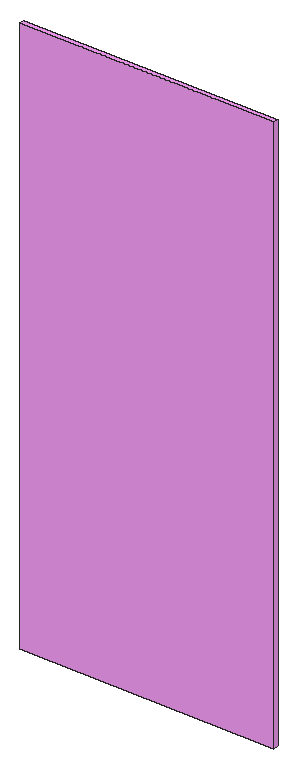
Revit family "EXP_WT-1A_CPan-014", category Curtain Panels, Revit 2021
Family settings
  OmniClass Number = 23.25.20.14.11.11.17
  OmniClass Title = Infill Panels
  Always vertical = Yes
  Cut with Voids When Loaded = No
  Shared = No
Parameters
  UI-UnitNumber [instance] = "001"
  UI-Quadrant [instance] = "SE"
  UI-ProjectAbbreviation = "NEU"
  UI-ItemCategory = "PID"
  UI-FloorNumber [instance] = "03"
  PNT-WallType = "WT1A"
  PNT-ProjectAbbreviation = "NEU"
  PNT-PanelType [instance] = "01"
  PNT-ItemCategory = "PNL"
  GlassSPH [instance] = 0' - 1 1/8"
  GlassH1 [instance] = IG-3F(Glass)
  Define Thermal Properties by = Schematic Type
  CellSp = 0' - 10 3/16"
  CellL [instance] = 6' - 2"
  CellH1 [instance] = CellH  # 12' - 11"
  CellH [instance] = 12' - 11"
  CellAngle [instance] = 45.00°
  Analytic Construction = "<None>"
Reference planes (in)
  plane 1 "Center (Front/Back)": y = 0
  plane 2: z = 0
  plane 3 "Center (Left/Right)": x = 0
  plane 4 "Left": x = -37
  plane 5 "Right": x = 37
  plane 6 "Top": z = 155
  plane 7: y = -10.1875
Forms (in)
  Extrusion 1, solid, material "IG-3F(Glass)" <- "GlassH1", detail levels coarse+medium
    sketch origin (0, 0, 0) x (1, 0, 0) y (0, 1, 0)
      loop
        line (37, 0) -> (-37, 0) -> (-26.8125, -10.1875) -> (37, -10.1875) -> (37, 0)
    from 0 to 155
Lines and regions (in)
  reference lines
    curve 1: line (-37, 0, 0) -> (-2.35177, -34.64823, 0)
Text (in)
  text "Exterior" at (-92.59733, 55.75508, 0), in view "Ref. Level"
  text "Exterior" at (0, 90.18664, 173.49264), in view "Left"
  text "Exterior" at (0, 52.29083, 162.21847), in view "Right"
Dimensions and locks (in)
  "CellL": plane 4 "Left" to plane 5 "Right"
  equal spacing: plane 4 "Left", plane 3 "Center (Left/Right)", plane 5 "Right"
  "CellH": plane 2 to plane 6 "Top"
  "CellSp": plane 7 to plane 1 "Center (Front/Back)"
  "CellAngle": angle curve 1 to plane 1 "Center (Front/Back)"
  aligned and locked: level to plane 2
  aligned and locked: Extrusion 1 sketch curve to plane 1 "Center (Front/Back)"
  aligned and locked: Extrusion 1 sketch curve to plane 7
  aligned and locked: Extrusion 1 sketch curve to curve 1
  aligned and locked: Extrusion 1 sketch curve to plane 5 "Right"
  aligned and locked: Extrusion 1 to plane 6 "Top"
  aligned and locked: nested 1 to curve 1
  aligned and locked: Extrusion 1 to nested 2
  aligned and locked: nested 2 to Extrusion 1
  aligned and locked: nested 2 to level
  aligned and locked: Extrusion 1 to plane 2
  aligned and locked: nested 1 to plane 5 "Right"
  aligned and locked: plane 5 "Right" to nested 3
  aligned and locked: plane 1 "Center (Front/Back)" to nested 3
  aligned and locked: plane 2 to Extrusion 1
  aligned and locked: plane 6 "Top" to Extrusion 1
  aligned and locked: plane 1 "Center (Front/Back)" to nested 4
  aligned and locked: nested 4 to plane 6 "Top"
  aligned and locked: plane 2 to nested 4
  aligned and locked: plane 5 "Right" to nested 4
  aligned and locked: plane 4 "Left" to nested 4
Automatic sketch dimensions
  plane 1 "Center (Front/Back)" to curve 1 = 0' - 0"
  curve 1 to plane 4 "Left" = 0' - 0"
Nested families (in)
  nested 1: "EXP_WT-1A_DetO-002" at (-37, 0, 0), CellAngle <- "CellAngle", type "EXP_WT-1A_DetO-002"
    with built-in parameter 1001306 6.1667 (stored number, unit not read), CellAngle 45.00°
  nested 2: "EXP_WT-1A_DetO-003" at (0, 0, 155) x (0, 0, -1) z (1, 0, 0), type "EXP_WT-1A_DetO-003"
    with built-in parameter 1001306 12.917 (stored number, unit not read), CellH2 8' - 5 1/2", CellH1 4' - 5 1/2"
  nested 3: "EXP_xx_DetO-002" at (0, 0, 0), CellH <- "CellH", CellL <- "CellL", type "EXP_xx_DetO-002", detail levels coarse
    with CellL 6' - 2", CellH 12' - 11"
  nested 4: "EXP_WT-1x_IG-003" at (0, 0, 77.5), MaterialGlass <- "GlassH1", GlassSP <- "GlassSPH", type "A = 90_GlassSP = H", detail levels fine
    with MaterialGlass IG-3F(Glass), GlassSP 0' - 1 1/8", GlassL 5' - 8.87402", GlassH 12' - 8.12598", CellL 6' - 2", CellH 12' - 11"
Definition of nested family "EXP_WT-1x_IG-003"
  Parameters (values of type "A = 90_H2(x2) _ GlassSP = 2 1/8"")
    MaterialGlass [instance] = none
    GlassSP [instance] = 0' - 2.12598"
    GlassL [instance] = CellL - (GlassD1 + GlassD3)  # 3' - 7.69291"
    GlassH [instance] = CellH - (GlassD2 + GlassD4)  # 6' - 6.64788"
    GlassD4 = 0' - 1.43701"
    GlassD3 = 0' - 0.93701"
    GlassD2 = 0' - 0 1/2"
    GlassD1 = 0' - 4.18898"
    GMPI-ProjectAbbreviation = "NEU"
    GMPI-IteamCategory = "GLS"
    Default Elevation = 0' - 0"
    CellL [instance] = 4' - 0.8189"
    CellH [instance] = 6' - 8.58489"
  Types (20): name | GlassSP | GlassL | GlassH | GlassD4 | GlassD2 | GlassD1
    A = 90_H2(x2) _ GlassSP = 2 1/8" | 0' - 2.12598" | 3' - 7.69291" | 6' - 6.64788" | 0' - 1.43701" | 0' - 0 1/2" | 0' - 4.18898"
    A = 90_H1 _ GlassSP = 1 1/4" | 0' - 1 1/4" | 3' - 7.69291" | 6' - 6.89739" | 0' - 0 1/4" | 0' - 1 7/16" | 0' - 4.18898"
    A = 90_H2(x3) _ GlassSP = 2 1/8" | 0' - 2.12598" | 3' - 7.69291" | 6' - 7.83489" | 0' - 0 1/4" | 0' - 0 1/2" | 0' - 4.18898"
    A = 90_H3 _ GlassSP = 1 1/4" | 0' - 1 1/4" | 3' - 7.69291" | 6' - 6.64788" | 0' - 1.43701" | 0' - 0 1/2" | 0' - 4.18898"
    A = 90_H _ GlassSP = 1 1/4" | 0' - 1 1/4" | 3' - 7.69291" | 6' - 5.71088" | 0' - 1.43701" | 0' - 1.43701" | 0' - 4.18898"
    A = 78_H _ GlassSP = 1 1/4" | 0' - 1 1/4" | 3' - 6.75591" | 6' - 5.71088" | 0' - 1.43701" | 0' - 1.43701" | 0' - 5.12598"
    A = 78_H1 _ GlassSP = 1 1/4" | 0' - 1 1/4" | 3' - 6.75591" | 6' - 6.89739" | 0' - 0 1/4" | 0' - 1 7/16" | 0' - 5.12598"
    A = 78_H2(x2) _ GlassSP = 2 1/8" | 0' - 2.12598" | 3' - 6.75591" | 6' - 6.64788" | 0' - 1.43701" | 0' - 0 1/2" | 0' - 5.12598"
    A = 78_H2(x3) _ GlassSP = 2 1/8" | 0' - 2.12598" | 3' - 6.75591" | 6' - 7.83489" | 0' - 0 1/4" | 0' - 0 1/2" | 0' - 5.12598"
    A = 78_H3 _ GlassSP = 1 1/4" | 0' - 1 1/4" | 3' - 6.75591" | 6' - 6.64788" | 0' - 1.43701" | 0' - 0 1/2" | 0' - 5.12598"
    A = 90_GlassSP = H | 0' - 1 1/4" | 3' - 7.69291" | 6' - 5.71088" | 0' - 1.43701" | 0' - 1.43701" | 0' - 4.18898"
    A = 90_ GlassSP = H3 | 0' - 1 1/4" | 3' - 7.69291" | 6' - 6.64788" | 0' - 1.43701" | 0' - 0 1/2" | 0' - 4.18898"
    A = 90_GlassSP = H2(x3) | 0' - 2.12598" | 3' - 7.69291" | 6' - 7.83489" | 0' - 0 1/4" | 0' - 0 1/2" | 0' - 4.18898"
    A = 90_GlassSP = H2(x2) | 0' - 2.12598" | 3' - 7.69291" | 6' - 6.64788" | 0' - 1.43701" | 0' - 0 1/2" | 0' - 4.18898"
    A = 90_GlassSP = H1 | 0' - 1 1/4" | 3' - 7.69291" | 6' - 6.89739" | 0' - 0 1/4" | 0' - 1 7/16" | 0' - 4.18898"
    A = 78_GlassSP = H | 0' - 1 1/4" | 3' - 6.75591" | 6' - 5.71088" | 0' - 1.43701" | 0' - 1.43701" | 0' - 5.12598"
    A = 78_ GlassSP = H3 | 0' - 1 1/4" | 3' - 6.75591" | 6' - 6.64788" | 0' - 1.43701" | 0' - 0 1/2" | 0' - 5.12598"
    A = 78_ GlassSP = H2(x3) | 0' - 2.12598" | 3' - 6.75591" | 6' - 7.83489" | 0' - 0 1/4" | 0' - 0 1/2" | 0' - 5.12598"
    A = 78_GlassSP = H2(x2) | 0' - 2.12598" | 3' - 6.75591" | 6' - 6.64788" | 0' - 1.43701" | 0' - 0 1/2" | 0' - 5.12598"
    A = 78_GlassSP = H1 | 0' - 1 1/4" | 3' - 6.75591" | 6' - 6.89739" | 0' - 0 1/4" | 0' - 1 7/16" | 0' - 5.12598"
  Reference planes (in)
    plane 1 "Center (Front/Back)": y = 0
    plane 2: z = 0
    plane 3 "Center (Left/Right)": x = 0
    plane 4: x = -24.40945
    plane 5: x = 24.40945
    plane 6: z = 40.29245
    plane 7: x = -20.22047
    plane 8: x = 23.47244
    plane 9: z = -40.29245
    plane 10: z = 39.79245
    plane 11: z = -38.85544
  Forms (in)
    Extrusion 1, solid, material <- "MaterialGlass"
      sketch origin (0, 0, 0) x (1, 0, 0) y (0, 0, 1)
        loop
          line (-20.22047, -38.85544) -> (23.47244, -38.85544) -> (23.47244, 39.79245) -> (-20.22047, 39.79245) -> (-20.22047, -38.85544)
      from 0 to 2.12598 <- "GlassSP"
  Dimensions and locks (in)
    equal spacing: plane 6, level, plane 9
    "CellH": plane 6 to plane 9
    "GlassD2": plane 6 to plane 10
    "GlassD4": plane 11 to plane 9
    equal spacing: plane 4, plane 3 "Center (Left/Right)", plane 5
    "CellL": plane 4 to plane 5
    "GlassD1": plane 4 to plane 7
    "GlassD3": plane 5 to plane 8
    aligned and locked: level to plane 2
    aligned and locked: Extrusion 1 sketch curve to plane 11
    aligned and locked: Extrusion 1 sketch curve to plane 7
    aligned and locked: plane 10 to Extrusion 1 sketch curve
    aligned and locked: plane 8 to Extrusion 1 sketch curve
Definition of nested family "EXP_WT-1A_DetO-002"
  Parameters (values of type "EXP_WT-1A_DetO-002")
    built-in parameter 1001306 [instance] = 5' - 2.99213"
    CellAngle [instance] = 45.00°
  Reference planes (in)
    plane 1 "Center (Front/Back)": y = 0
    plane 2: z = 0
    plane 3 "Left": x = 0
    plane 4 "Right": x = 62.99213
  Lines and regions (in)
    reference lines, in view "Ref. Level"
      curve 1: line (0, 0, 0) -> (62.99213, 0, 0)
      curve 17: line (0, 0, 0) -> (16.97056, -16.97056, 0)
    detail lines, in view "Ref. Level"
      curve 2: line (-0.30429, 0, 0) -> (-0.00849, 0, 0)
      curve 3: line (-0.30429, 0, 0) -> (-0.00849, 0, 0)
      curve 4: line (62.99213, -0.81795, 0) -> (62.99213, -10.1875, 0)
      curve 5: line (62.99213, -10.1875, 0) -> (60.99213, -10.1875, 0)
      curve 6: line (60.99213, -10.1875, 0) -> (60.99213, -2.43678, 0)
      curve 7: line (60.99213, -2.43678, 0) -> (62.44632, -2.43678, 0)
      curve 8: line (62.44632, -2.43678, 0) -> (62.44632, 0, 0)
      curve 9: line (62.44632, 0, 0) -> (62.74213, 0, 0)
      curve 10: line (62.74213, 0, 0) -> (62.74213, -0.81795, 0)
      curve 11: line (62.99213, -0.81795, 0) -> (62.74213, -0.81795, 0)
      curve 12: line (-0.30429, 0, 0) -> (-0.00849, 0, 0)
      curve 13: line (2.83381, 0, 0) -> (62.04971, 0, 0)
      curve 14: line (2.83381, -1.31, 0) -> (2.83381, 0, 0)
      curve 15: line (2.83381, -1.31, 0) -> (62.04971, -1.31, 0)
      curve 16: line (62.04971, -1.31, 0) -> (62.04971, 0, 0)
      curve 18: line (2.35972, -2.35972, 0) -> (10.125, -10.1875, 0)
      curve 19: line (12.59763, -10.1875, 0) -> (10.125, -10.1875, 0)
      curve 20: line (4.3571, -1.88308, 0) -> (12.59763, -10.1875, 0)
      curve 21: line (2.8356, -1.88308, 0) -> (4.3571, -1.88308, 0)
      curve 22: line (2.35972, -2.35972, 0) -> (2.8356, -1.88308, 0)
  Dimensions and locks (in)
    "built-in parameter 1001306": plane 3 "Left" to plane 4 "Right"
    "CellAngle": angle curve 17 to plane 1 "Center (Front/Back)"
    aligned and locked: plane 1 "Center (Front/Back)" to curve 1
    aligned and locked: plane 3 "Left" to curve 1
    aligned and locked: plane 4 "Right" to curve 1
    aligned and locked: curve 4 to plane 4 "Right"
    aligned and locked: curve 12 to curve 1
    aligned and locked: curve 1 to curve 13
    aligned and locked: curve 5 to curve 19
  Automatic sketch dimensions
    plane 1 "Center (Front/Back)" to curve 9 = 0' - 0"
    curve 2 to curve 2 = 0' - 0.2958"
    curve 7 to plane 4 "Right" = 0' - 2"
    curve 9 to plane 4 "Right" = 0' - 0.5458"
    curve 10 to curve 4 = 0' - 0 1/4"
    plane 1 "Center (Front/Back)" to curve 4 = 0' - 0.81795"
    curve 7 to curve 10 = 0' - 1.61883"
    curve 16 to curve 10 = 0' - 0.69242"
    curve 16 to curve 10 = 0' - 0.49205"
    curve 3 to curve 13 = 0' - 2.8423"
    curve 14 to curve 20 = 0' - 1.52329"
    curve 19 to curve 20 = 0' - 2.47263"
    curve 14 to curve 21 = 0' - 0.00179"
    curve 22 to curve 22 = 0' - 0.47588"
    curve 22 to curve 22 = 0' - 0.47664"
    plane 1 "Center (Front/Back)" to curve 21 = 0' - 1.88308"
    plane 3 "Left" to curve 20 = 1' - 0.59763"
    plane 3 "Left" to curve 21 = 0' - 4.3571"
    curve 5 to curve 6 = 0' - 7.75072"
Definition of nested family "EXP_WT-1A_DetO-003"
  Parameters (values of type "EXP_WT-1A_DetO-003")
    built-in parameter 1001306 [instance] = 12' - 11"
    CellH2 [instance] = 9' - 8"
    CellH1 [instance] = 3' - 3"
    CellH [instance] = 12' - 11"
  Reference planes (in)
    plane 1 "Center (Front/Back)": y = 0
    plane 2: z = 0
    plane 3 "Left": x = 0
    plane 4 "Right": x = 155
    plane 5: x = 39
  Lines and regions (in)
    reference lines, in view "Ref. Level"
      curve 1: line (0, 0, 0) -> (155, 0, 0)
    detail lines, in view "Ref. Level"
      curve 2: line (37.25001, -10.1875, 0) -> (37.25001, -2.41263, 0)
      curve 3: line (37.25001, -2.41263, 0) -> (40.74999, -2.41263, 0)
      curve 4: line (40.74999, -2.41263, 0) -> (40.74999, -10.1875, 0)
      curve 5: line (40.74999, -10.1875, 0) -> (37.25001, -10.1875, 0)
      curve 6: line (39.27639, -2.185, 0) -> (39.27639, 0, 0)
      curve 7: line (39.27639, 0, 0) -> (153.80789, 0, 0)
      curve 8: line (153.80789, -2.185, 0) -> (39.27639, -2.185, 0)
      curve 9: line (38.52639, -1.31, 0) -> (38.52639, 0, 0)
      curve 10: line (38.52639, 0, 0) -> (1.19241, 0, 0)
      curve 11: line (38.52639, -1.31, 0) -> (1.19241, -1.31, 0)
      curve 12: line (0, -10.1875, 0) -> (2.125, -10.1875, 0)
      curve 13: line (0, -0.81812, 0) -> (0, -10.1875, 0)
      curve 14: line (0.5, 0, 0) -> (0.5, -0.81812, 0)
      curve 15: line (0.5, 0, 0) -> (0.7958, 0, 0)
      curve 16: line (0, -0.81812, 0) -> (0.5, -0.81812, 0)
      curve 17: line (0.7958, -2.43676, 0) -> (0.7958, 0, 0)
      curve 18: line (2.125, -2.43676, 0) -> (0.7958, -2.43676, 0)
      curve 19: line (2.125, -10.1875, 0) -> (2.125, -2.43676, 0)
      curve 20: line (1.19241, -1.31, 0) -> (1.19241, 0, 0)
      curve 21: line (155, 60, 0) -> (155, -10.1875, 0)
      curve 22: line (155, -10.1875, 0) -> (151.625, -10.1875, 0)
      curve 23: line (151.625, -10.1875, 0) -> (151.625, -2.43679, 0)
      curve 24: line (151.625, -2.43679, 0) -> (154.2042, -2.43679, 0)
      curve 25: line (154.2042, -2.43679, 0) -> (154.2042, 0, 0)
      curve 26: line (154.5, 0, 0) -> (154.5, -0.81812, 0)
      curve 27: line (154.2042, 0, 0) -> (154.5, 0, 0)
      curve 28: line (155, -0.81812, 0) -> (154.5, -0.81812, 0)
      curve 29: line (155, -0.81812, 0) -> (155, -10.1875, 0)
      curve 30: line (153.80789, -2.185, 0) -> (153.80789, 0, 0)
  Dimensions and locks (in)
    "built-in parameter 1001306": plane 3 "Left" to plane 4 "Right"
    "CellH": plane 3 "Left" to plane 4 "Right"
    "CellH2": plane 5 to plane 4 "Right"
    "CellH1": plane 3 "Left" to plane 5
    aligned and locked: plane 1 "Center (Front/Back)" to curve 1
    aligned and locked: plane 3 "Left" to curve 1
    aligned and locked: plane 4 "Right" to curve 1
    aligned and locked: curve 1 to curve 7
    aligned and locked: curve 10 to plane 1 "Center (Front/Back)"
    aligned and locked: curve 13 to plane 3 "Left"
    aligned and locked: curve 1 to curve 15
    aligned and locked: curve 21 to plane 4 "Right"
    aligned and locked: curve 29 to plane 4 "Right"
    aligned and locked: curve 5 to curve 12
    aligned and locked: curve 22 to curve 5
  Automatic sketch dimensions
    plane 5 to curve 3 = 0' - 1 3/4"
    plane 1 "Center (Front/Back)" to curve 3 = 0' - 2.41263"
    curve 5 to plane 5 = 0' - 1 3/4"
    plane 5 to curve 6 = 0' - 0.27639"
    curve 6 to curve 6 = 0' - 2.185"
    curve 9 to plane 5 = 0' - 0.47361"
    plane 1 "Center (Front/Back)" to curve 13 = 0' - 0.81812"
    plane 3 "Left" to curve 14 = 0' - 0 1/2"
    curve 14 to curve 17 = 0' - 0.2958"
    curve 17 to curve 18 = 0' - 1.3292"
    curve 18 to curve 14 = 0' - 1.61864"
    curve 14 to curve 20 = 0' - 0.69242"
    curve 20 to curve 14 = 0' - 0.49188"
    curve 21 to plane 1 "Center (Front/Back)" = 5' - 0"
    curve 24 to curve 24 = 0' - 2.5792"
    plane 1 "Center (Front/Back)" to curve 27 = 0' - 0"
    curve 25 to curve 26 = 0' - 0.2958"
    curve 28 to curve 28 = 0' - 0 1/2"
    curve 30 to curve 24 = 0' - 0.39631"
    curve 24 to curve 30 = 0' - 0.25179"
    plane 1 "Center (Front/Back)" to curve 26 = 0' - 0.81812"
    curve 22 to curve 24 = 0' - 7.75071"
Definition of nested family "EXP_xx_DetO-002"
  Parameters (values of type "EXP_xx_DetO-002")
    Default Elevation = 0' - 0"
    CellL [instance] = 5' - 4.56693"
    CellH [instance] = 5' - 2.99213"
  Reference planes (in)
    plane 1 "Center (Front/Back)": y = 0
    plane 2: z = 0
    plane 3 "Center (Left/Right)": x = 0
    plane 4: x = -32.28346
    plane 5: x = 32.28346
    plane 6: z = 62.99213
  Lines and regions (in)
    model lines
      curve 1: line (-32.28346, 0, 62.99213) -> (32.28346, 0, 0)
      curve 2: line (32.28346, 0, 62.99213) -> (-32.28346, 0, 0)
  Dimensions and locks (in)
    "CellH": plane 6 to level
    equal spacing: plane 4, plane 3 "Center (Left/Right)", plane 5
    "CellL": plane 4 to plane 5
    aligned and locked: level to plane 2
  Automatic sketch dimensions
    curve 2 to level = 0' - 0"
    plane 4 to curve 2 = 0' - 0"
    plane 4 to curve 1 = 0' - 0"
    plane 5 to curve 2 = 0' - 0"
    curve 1 to level = 0' - 0"
    plane 5 to curve 1 = 0' - 0"
    curve 2 to plane 6 = 0' - 0"
    curve 1 to plane 6 = 0' - 0"
